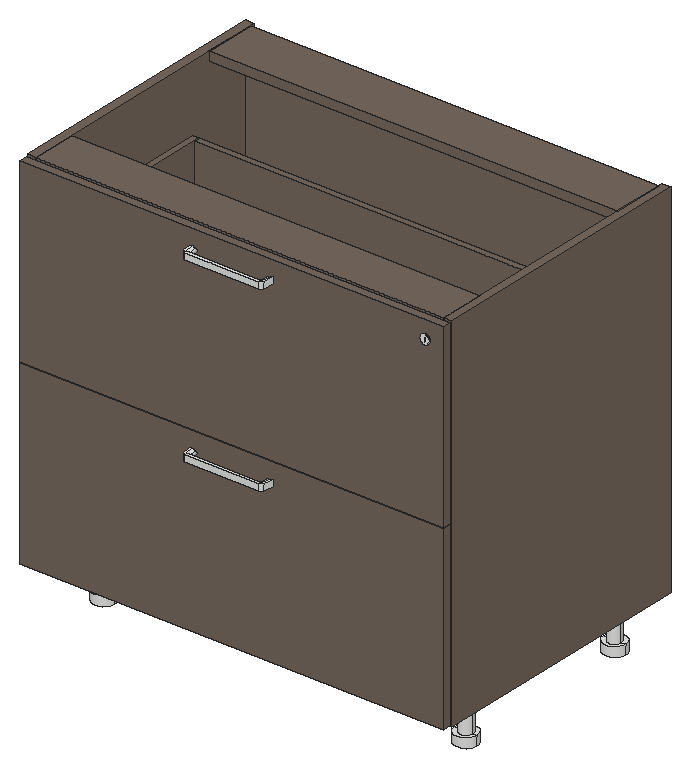
Revit family "Base_Cabinets-Teknion-CEBDLF_Base_Cabine_Filing_Drawers-R2023", category Furniture, Revit 2023
Family settings
  OmniClass Number = 23.40.20.00
  OmniClass Title = General Furniture and Specialties
  Work Plane-Based = No
  Enable Cutting in Views = No
  Always vertical = Yes
  Cut with Voids When Loaded = No
  Render Appearance Source = Family Geometry
  Shared = Yes
  Room Calculation Point = No
Parameters (values of type "24" Depth")
  Width [instance] = 36.000"
  Warranty = "http://www.teknion.com/ca/papers/legal-canada"
  Unit Weight URL = "http://www.teknion.com/ca/tools/assets#&asset=bee6a381-b954-425e-8283-5a2de3a804f2,f828d448-4b62-4231-9e5f-9a8991c0ed77"
  URL = "www.teknion.com"
  To render please download texture images found here [instance] = "https://assets.teknion.com/web/5e81352c1dfdb467/revit-material-swatches/"
  Sustainability Data = "https://www.teknion.com/ca/tools/assets#&topic=216f99a5-57a0-44fc-b10a-9dee9b29ae4c&asset=444deb64-fe58-4b68-981e-f75e97781df7,b4ff2d81-9f2e-437d-9659-7cffb09c31cf"
  Series = "Expansion Casework+"  # constant formula
  S - Standard - Soft Close = yes
  Pull Finish [instance] = Paint - Teknion - Foundation - Crisp Grey
  Product Page URL = "https://www.teknion.com/ca/products/product-details?productLineId=30ca1270-8e7a-673b-a6c8-ff05004460c4"
  Product Line = "Base Cabinets"  # constant formula
  Product Documentation Link = "https://www.teknion.com/pricing/expansion-casework/pdfs/CEBDLF_ppg.pdf"
  Part Number = "CEBDLF"  # constant formula
  Model = "CEBDLF24__S"
  Manufacturer Phone = "416-661-3370"  # constant formula
  Manufacturer Fax = "416.661.4586"  # constant formula
  Manufacturer Contact Information [instance] = "http://www.teknion.com/ca/contactus"
  Manufacturer Address = "1150 Flint Road, Toronto, ON. M3J 2J5. Canada"  # constant formula
  Manufacturer = "Teknion"  # constant formula
  How To Use Teknion Materials User Guide [instance] = "https://assets.teknion.com/m/205dd0a49fa58060/original/How-to-add-a-Material-Library-and-Texture-Images-to-your-Revit-project.pdf"
  Height [instance] = 35.000"
  Handle 2 [instance] = Height = 32.000"  # no
  Handle 1 [instance] = Height = 35.000"  # yes
  Front Finish [instance] = Source Laminate - Teknion - 3M - Provincial Oak
  For Additional Finishes please visit [instance] = "https://assets.teknion.com/m/44a8009b046e5d47/original/Teknion_Materials_Library.zip"
  Foot Finish [instance] = Paint - Teknion - Foundation - Crisp Grey
  Drawer Style = "Select one drawer style. Standard - soft close is default."  # constant formula
  Dim - Height - Front [instance] = if(Height = 32.000", 13.631", 15.256")  # 15.256"
  Description = "Base Cabinet - Filing Drawers, 24\" Depth, Standard - Soft Close Drawer Style"
  Depth = 24.000"
  Default Elevation = 0.000"
  Case Finish [instance] = Source Laminate - Teknion - 3M - Provincial Oak
  Available Width [instance] = "18, 21, 24, 27, 30, 33 &36 Inch"  # constant formula
  Available Height [instance] = "32 & 35 Inch"  # constant formula
  Available Depth = "24 & 29 Inch"  # constant formula
  Assembly Code = "E2020200"
  Actual Height [instance] = if(Height = 32.000", Height - 0.250", Height + 0.000")  # 35.000"
Types (3): name | Model | Description | Depth
  (no name) | "CEBDLF24__S" | "Base Cabinet - Filing Drawers, 24\" Depth, Standard - Soft Close Drawer Style" | 24.000"
  24" Depth | "CEBDLF24__S" | "Base Cabinet - Filing Drawers, 24\" Depth, Standard - Soft Close Drawer Style" | 24.000"
  29" Depth | "CEBDLF29__S" | "Base Cabinet - Filing Drawers, 29\" Depth, Standard - Soft Close Drawer Style" | 29.000"
Reference planes (in)
  plane 1 "Center Front/Back": y = -14.5
  plane 2: z = 0
  plane 3 "Center Left/Right": x = 21
  plane 4 "Left": x = 3
  plane 5 "Right": x = 39
  plane 6 "Back": y = -2.5
  plane 7 "Front": y = -26.5
  plane 8 "Top": z = 35
  plane 9: z = 4.13386
  plane 10 "Foot 2": y = -5.09843
  plane 11 "Foot 1": y = -20.85433
  plane 12: z = 19.50797
  plane 13: z = 4.25197
  plane 14: z = 19.62598
  plane 15: z = 34.88198
Forms (in)
  Sweep 1, solid, material "Source Laminate - Teknion - 3M - Provincial Oak" <- "Case Finish"
    path origin (0, 0, 0) x (1, 0, 0) y (0, 1, 0)
      loop
        line (3, -14.5) -> (3.70079, -14.5)
    profile origin (3.35039, -14.5, 0) x (0, 1, 0) y (0, 0, 1)
      loop
        line (12, 35) -> (-11.16142, 35) -> (-11.16142, 4.13386) -> (12, 4.13386) -> (12, 35)
  Sweep 2, solid, material "Source Laminate - Teknion - 3M - Provincial Oak" <- "Case Finish"
    path origin (0, 0, 0) x (1, 0, 0) y (0, 1, 0)
      loop
        line (39, -14.5) -> (38.29921, -14.5)
    profile origin (38.64961, -14.5, 0) x (0, -1, 0) y (0, 0, 1)
      loop
        line (-12, 35) -> (-12, 4.13386) -> (11.16142, 4.13386) -> (11.16142, 35) -> (-12, 35)
  Sweep 3, solid, material "Source Laminate - Teknion - 3M - Provincial Oak" <- "Case Finish"
    path origin (0, 0, 0) x (1, 0, 0) y (0, 1, 0)
      loop
        line (38.29921, -14.5) -> (3.70079, -14.5)
    profile origin (21, -14.5, 0) x (0, -1, 0) y (0, 0, 1)
      loop
        line (7.38189, 34.29921) -> (11.16142, 34.29921) -> (11.16142, 35) -> (7.38189, 35) -> (7.38189, 34.29921)
      loop
        line (-7.20472, 34.29921) -> (-7.20472, 35) -> (-11.68504, 35) -> (-11.68504, 34.29921) -> (-7.20472, 34.29921)
  Sweep 4, solid, material "Source Laminate - Teknion - 3M - Provincial Oak" <- "Case Finish"
    path origin (0, 0, 0) x (1, 0, 0) y (0, 1, 0)
      loop
        line (38.29921, -14.5) -> (3.70079, -14.5)
    profile origin (21, -14.5, 0) x (0, -1, 0) y (0, 0, 1)
      loop
        line (-10.98425, 34.29921) -> (-11.68504, 34.29921) -> (-11.68504, 5.14961) -> (-10.98425, 5.14961) -> (-10.98425, 34.29921)
  Sweep 5, solid, material "Source Laminate - Teknion - 3M - Provincial Oak" <- "Front Finish"
    path origin (0, 0, 0) x (1, 0, 0) y (0, 1, 0)
      loop
        line (21, -26.5) -> (21, -25.79921)
    profile origin (21, -26.14961, 0) x (-1, 0, 0) y (0, 0, 1)
      loop
        line (-17.94094, 19.50797) -> (-17.94094, 4.25197) -> (17.94094, 4.25197) -> (17.94094, 19.50797) -> (-17.94094, 19.50797)
      loop
        line (17.94094, 34.88198) -> (-17.94094, 34.88198) -> (-17.94094, 19.62598) -> (17.94094, 19.62598) -> (17.94094, 34.88198)
  Sweep 6, solid, material "Source Laminate - Teknion - 3M - Provincial Oak" <- "Case Finish"
    path origin (0, -14.5, 0) x (1, 0, 0) y (0, 0, 1)
      loop
        line (21, 5.14961) -> (21, 4.13386)
    profile origin (21, -14.5, 4.64173) x (0, -1, 0) y (1, 0, 0)
      loop
        line (-11.68504, 17.29921) -> (-11.68504, -17.29921) -> (11.16142, -17.29921) -> (11.16142, 17.29921) -> (-11.68504, 17.29921)
  Revolve 7, solid, material "Paint - Teknion - Foundation - Crisp Grey" <- "Foot Finish"
    sketch origin (0, -20.85433, 0) x (-1, 0, 0) y (0, 0, 1)
      loop
        line (-5.64567, 4.13386) -> (-5.64567, 0) -> (-4.70276, 0) -> (-4.70276, 0.7874) -> (-5.09449, 0.7874) -> (-5.09449, 3.11024) -> (-4.70846, 3.11024) -> (-4.70846, 4.13386) -> (-5.64567, 4.13386)
      axis (-5.64567, 4.13386) -> (-5.64567, 0)
    angle from 0 to 360
  Revolve 8, solid, material "Paint - Teknion - Foundation - Crisp Grey" <- "Foot Finish"
    sketch origin (36.70866, -20.85433, 0) x (-1, 0, 0) y (0, 0, 1)
      loop
        line (0.35433, 4.13386) -> (0.35433, 0) -> (1.29724, 0) -> (1.29724, 0.7874) -> (0.90551, 0.7874) -> (0.90551, 3.11024) -> (1.29154, 3.11024) -> (1.29154, 4.13386) -> (0.35433, 4.13386)
      axis (0.35433, 4.13386) -> (0.35433, 0)
    angle from 0 to 360
  Revolve 9, solid, material "Paint - Teknion - Foundation - Crisp Grey" <- "Foot Finish"
    sketch origin (4.75, -5.09843, 0) x (-1, 0, 0) y (0, 0, 1)
      loop
        line (-31.60433, 4.13386) -> (-31.60433, 0) -> (-30.66142, 0) -> (-30.66142, 0.7874) -> (-31.05315, 0.7874) -> (-31.05315, 3.11024) -> (-30.66713, 3.11024) -> (-30.66713, 4.13386) -> (-31.60433, 4.13386)
      axis (-31.60433, 4.13386) -> (-31.60433, 0)
    angle from 0 to 360
  Revolve 10, solid, material "Paint - Teknion - Foundation - Crisp Grey" <- "Foot Finish"
    sketch origin (37.25, -5.09843, 0) x (1, 0, 0) y (0, 0, -1)
      loop
        line (-31.60433, -4.13386) -> (-31.60433, 0) -> (-32.54724, 0) -> (-32.54724, -0.7874) -> (-32.15551, -0.7874) -> (-32.15551, -3.11024) -> (-32.54154, -3.11024) -> (-32.54154, -4.13386) -> (-31.60433, -4.13386)
      axis (-31.60433, -4.13386) -> (-31.60433, 0)
    angle from 0 to 360
  Sweep 11, solid, material "Paint - Teknion - Foundation - Crisp Grey" <- "Pull Finish", visible <- "Handle 1"
    path origin (0, -20.85433, 0) x (-1, 0, 0) y (0, 0, 1)
      loop
        line (-21, 17.66782) -> (-21, 18.19882)
    profile origin (21, -20.85433, 17.93332) x (1, 0, 0) y (0, 1, 0)
      loop
        line (-3.49508, -5.64567) -> (-3.39635, -6.44976)
        arc (-3.39635, -6.44976) -> (-3.31387, -6.60653) -> (-3.14821, -6.66929) r 0.25
        line (-3.14821, -6.66929) -> (3.14821, -6.66929)
        arc (3.14821, -6.66929) -> (3.31387, -6.60653) -> (3.39635, -6.44976) r 0.25
        line (3.39635, -6.44976) -> (3.49508, -5.64567) -> (3.35728, -5.64567) -> (3.23165, -6.43307) -> (-3.23165, -6.43307) -> (-3.35728, -5.64567) -> (-3.49508, -5.64567)
  Sweep 12, solid, material "Paint - Teknion - Foundation - Crisp Grey" <- "Pull Finish", visible <- "Handle 2"
    path origin (0, -20.85433, 0) x (-1, 0, 0) y (0, 0, 1)
      loop
        line (-21, 16.57382) -> (-21, 16.04282)
    profile origin (21, -20.85433, 16.30832) x (0, 1, 0) y (-1, 0, 0)
      loop
        line (-5.64567, 3.49508) -> (-6.44976, 3.39635)
        arc (-6.44976, 3.39635) -> (-6.60653, 3.31387) -> (-6.66929, 3.14821) r 0.25
        line (-6.66929, 3.14821) -> (-6.66929, -3.14821)
        arc (-6.66929, -3.14821) -> (-6.60653, -3.31387) -> (-6.44976, -3.39635) r 0.25
        line (-6.44976, -3.39635) -> (-5.64567, -3.49508) -> (-5.64567, -3.35728) -> (-6.43307, -3.23165) -> (-6.43307, 3.23165) -> (-5.64567, 3.35728) -> (-5.64567, 3.49508)
  Sweep 13, solid, material "Paint - Teknion - Foundation - Crisp Grey" <- "Pull Finish", visible <- "Handle 2"
    path origin (9, 0, 0) x (1, 0, 0) y (0, 1, 0)
      loop
        line (8.5714, -26.05302) -> (8.82531, -27.64439)
    profile origin (17.69836, -26.8487, 0) x (0.987508, 0.157566, 0) y (0, 0, 1)
      loop
        line (0.27167, 16.45916) -> (0.03671, 16.57382) -> (0, 16.57382) -> (0, 16.04282) -> (0.03773, 16.04282) -> (0.27167, 16.15698)
        arc (0.27167, 16.15698) -> (0.36606, 16.30807) -> (0.27167, 16.45916) r 0.16812
  Sweep 14, solid, material "Paint - Teknion - Foundation - Crisp Grey" <- "Pull Finish", visible <- "Handle 1"
    path origin (9, 0, 3.24587) x (1, 0, 0) y (0, 1, 0)
      loop
        line (8.5714, -26.05302) -> (8.82531, -27.64439)
    profile origin (17.69836, -26.8487, 3.24587) x (0.987508, 0.157566, 0) y (0, 0, 1)
      loop
        line (0.27167, 14.83829) -> (0.03671, 14.95295) -> (0, 14.95295) -> (0, 14.42195) -> (0.03773, 14.42195) -> (0.27167, 14.53612)
        arc (0.27167, 14.53612) -> (0.36606, 14.6872) -> (0.27167, 14.83829) r 0.16812
  Sweep 15, solid, material "Paint - Teknion - Foundation - Crisp Grey" <- "Pull Finish", visible <- "Handle 2"
    path origin (33, 0, 0) x (-1, 0, 0) y (0, -1, 0)
      loop
        line (8.5714, 26.05302) -> (8.82531, 27.64439)
    profile origin (24.30164, -26.8487, 0) x (0.987508, -0.157566, 0) y (0, 0, 1)
      loop
        arc (-0.27167, 16.45916) -> (-0.36606, 16.30807) -> (-0.27167, 16.15698) r 0.16812
        line (-0.27167, 16.15698) -> (-0.03773, 16.04282) -> (0, 16.04282) -> (0, 16.57382) -> (-0.03671, 16.57382) -> (-0.27167, 16.45916)
  Sweep 16, solid, material "Paint - Teknion - Foundation - Crisp Grey" <- "Pull Finish", visible <- "Handle 1"
    path origin (33, 0, 3.24587) x (-1, 0, 0) y (0, -1, 0)
      loop
        line (8.5714, 26.05302) -> (8.82531, 27.64439)
    profile origin (24.30164, -26.8487, 3.24587) x (0.987508, -0.157566, 0) y (0, 0, 1)
      loop
        arc (-0.27167, 14.83829) -> (-0.36606, 14.6872) -> (-0.27167, 14.53612) r 0.16812
        line (-0.27167, 14.53612) -> (-0.03773, 14.42195) -> (0, 14.42195) -> (0, 14.95295) -> (-0.03671, 14.95295) -> (-0.27167, 14.83829)
  Sweep 17, void
    path origin (0, -23.35433, 0) x (-1, 0, 0) y (0, 0, 1)
      loop
        line (-21, 34.88198) -> (-21, 12.5)
    profile origin (21, -23.35433, 23.69099) x (0, 1, 0) y (-1, 0, 0)
      loop
        line (-3.14567, 3.70705) -> (-3.14567, -3.70705) -> (-2.50738, -3.70705) -> (-2.50738, 3.70705) -> (-3.14567, 3.70705)
      loop
        line (-3.93307, 3.70705) -> (-4.44315, 3.70705) -> (-4.44315, -3.70705) -> (-3.93307, -3.70705) -> (-3.93307, 3.70705)
  Sweep 18, solid, material "Paint - Teknion - Mica - Platinum", visible <- "S - Standard - Soft Close"
    path origin (0, 0, 0) x (1, 0, 0) y (0, 1, 0)
      loop
        line (21, -25.66142) -> (21, -9.99213)
    profile origin (21, -17.82677, 0) x (-1, 0, 0) y (0, 0, 1)
      loop
        line (17.25984, 7.63386) -> (17.25984, 9.13386) -> (16.82283, 9.13386) -> (16.82283, 7.63386) -> (17.25984, 7.63386)
      loop
        line (-17.25984, 9.13386) -> (-17.25984, 7.63386) -> (-16.82283, 7.63386) -> (-16.82283, 9.13386) -> (-17.25984, 9.13386)
      loop
        line (17.25984, 20.80315) -> (17.25984, 22.30315) -> (16.82283, 22.30315) -> (16.82283, 20.80315) -> (17.25984, 20.80315)
      loop
        line (-17.25984, 22.30315) -> (-17.25984, 20.80315) -> (-16.82283, 20.80315) -> (-16.82283, 22.30315) -> (-17.25984, 22.30315)
  Sweep 19, solid, material "Metal - Teknion - C6 - Chrome"
    path origin (0, 0, 0) x (1, 0, 0) y (0, 1, 0)
      loop
        line (21, -26.55906) -> (21, -26.5)
    profile origin (21, -26.52953, 0) x (-1, 0, 0) y (0, 0, 1)
      loop
        circle (-16.4252, 33.42126) r 0.3937
      loop
        line (-16.37598, 33.60827) -> (-16.47441, 33.60827) -> (-16.47441, 33.23425) -> (-16.37598, 33.23425) -> (-16.37598, 33.60827)
  Sweep 20, solid, material "Source Laminate - Teknion - 3M - Provincial Oak" <- "Front Finish", visible <- "S - Standard - Soft Close"
    path origin (0, 0, 0) x (1, 0, 0) y (0, 1, 0)
      loop
        line (21, -9.657) -> (21, -25.79921)
    profile origin (21, -17.72811, 0) x (1, 0, 0) y (0, 0, 1)
      loop
        line (-16.25984, 29.81102) -> (-16.78346, 29.81102) -> (-16.78346, 19.80315) -> (-16.25984, 19.80315) -> (-16.25984, 29.81102)
      loop
        line (16.78346, 19.80315) -> (16.78346, 29.81102) -> (16.25984, 29.81102) -> (16.25984, 19.80315) -> (16.78346, 19.80315)
      loop
        line (-16.78346, 16.64173) -> (-16.78346, 6.63386) -> (-16.25984, 6.63386) -> (-16.25984, 16.64173) -> (-16.78346, 16.64173)
      loop
        line (16.25984, 16.64173) -> (16.25984, 6.63386) -> (16.78346, 6.63386) -> (16.78346, 16.64173) -> (16.25984, 16.64173)
  Sweep 21, solid, material "Source Laminate - Teknion - 3M - Provincial Oak" <- "Front Finish", visible <- "S - Standard - Soft Close"
    path origin (0, 0, 0) x (1, 0, 0) y (0, 1, 0)
      loop
        line (37.25984, -14.5) -> (4.74016, -14.5)
    profile origin (21, -14.5, 0) x (0, -1, 0) y (0, 0, 1)
      loop
        line (-4.3189, 29.81102) -> (-4.843, 29.81102) -> (-4.843, 19.80315) -> (-4.3189, 19.80315) -> (-4.3189, 29.81102)
      loop
        line (10.77559, 29.81102) -> (10.77559, 19.80315) -> (11.29921, 19.80315) -> (11.29921, 29.81102) -> (10.77559, 29.81102)
      loop
        line (11.29921, 16.64173) -> (10.77559, 16.64173) -> (10.77559, 6.63386) -> (11.29921, 6.63386) -> (11.29921, 16.64173)
      loop
        line (-4.3189, 16.64173) -> (-4.843, 16.64173) -> (-4.843, 6.63386) -> (-4.3189, 6.63386) -> (-4.3189, 16.64173)
  Sweep 22, solid, material "Source Laminate - Teknion - 3M - Provincial Oak" <- "Front Finish", visible <- "S - Standard - Soft Close"
    path origin (0, 0, 0) x (1, 0, 0) y (0, 1, 0)
      loop
        line (4.74016, -14.5) -> (37.25984, -14.5)
    profile origin (21, -14.5, 0) x (0, 1, 0) y (0, 0, 1)
      loop
        line (-10.77559, 20.59449) -> (-10.77559, 19.80315) -> (4.3189, 19.80315) -> (4.3189, 20.59449) -> (-10.77559, 20.59449)
      loop
        line (-10.77559, 7.4252) -> (-10.77559, 6.63386) -> (4.3189, 6.63386) -> (4.3189, 7.4252) -> (-10.77559, 7.4252)
  Sweep 23, solid, material "Paint - Teknion - Foundation - Crisp Grey" <- "Pull Finish", visible <- "Handle 2"
    path origin (33, 0, 15.36988) x (-1, 0, 0) y (0, -1, 0)
      loop
        line (8.5714, 26.05302) -> (8.82531, 27.64439)
    profile origin (24.30164, -26.8487, 15.36988) x (0.987508, -0.157566, 0) y (0, 0, 1)
      loop
        arc (-0.27167, 14.83829) -> (-0.36606, 14.6872) -> (-0.27167, 14.53612) r 0.16812
        line (-0.27167, 14.53612) -> (-0.03773, 14.42195) -> (0, 14.42195) -> (0, 14.95295) -> (-0.03671, 14.95295) -> (-0.27167, 14.83829)
  Sweep 24, solid, material "Paint - Teknion - Foundation - Crisp Grey" <- "Pull Finish", visible <- "Handle 1"
    path origin (33, 0, 18.61988) x (-1, 0, 0) y (0, -1, 0)
      loop
        line (8.5714, 26.05302) -> (8.82531, 27.64439)
    profile origin (24.30164, -26.8487, 18.61988) x (0.987508, -0.157566, 0) y (0, 0, 1)
      loop
        arc (-0.27167, 14.83829) -> (-0.36606, 14.6872) -> (-0.27167, 14.53612) r 0.16812
        line (-0.27167, 14.53612) -> (-0.03773, 14.42195) -> (0, 14.42195) -> (0, 14.95295) -> (-0.03671, 14.95295) -> (-0.27167, 14.83829)
  Sweep 25, solid, material "Paint - Teknion - Foundation - Crisp Grey" <- "Pull Finish", visible <- "Handle 2"
    path origin (9, 0, 15.36988) x (1, 0, 0) y (0, 1, 0)
      loop
        line (8.5714, -26.05302) -> (8.82531, -27.64439)
    profile origin (17.69836, -26.8487, 15.36988) x (0.987508, 0.157566, 0) y (0, 0, 1)
      loop
        line (0.27167, 14.83829) -> (0.03671, 14.95295) -> (0, 14.95295) -> (0, 14.42195) -> (0.03773, 14.42195) -> (0.27167, 14.53612)
        arc (0.27167, 14.53612) -> (0.36606, 14.6872) -> (0.27167, 14.83829) r 0.16812
  Sweep 26, solid, material "Paint - Teknion - Foundation - Crisp Grey" <- "Pull Finish", visible <- "Handle 1"
    path origin (9, 0, 18.61988) x (1, 0, 0) y (0, 1, 0)
      loop
        line (8.5714, -26.05302) -> (8.82531, -27.64439)
    profile origin (17.69836, -26.8487, 18.61988) x (0.987508, 0.157566, 0) y (0, 0, 1)
      loop
        line (0.27167, 14.83829) -> (0.03671, 14.95295) -> (0, 14.95295) -> (0, 14.42195) -> (0.03773, 14.42195) -> (0.27167, 14.53612)
        arc (0.27167, 14.53612) -> (0.36606, 14.6872) -> (0.27167, 14.83829) r 0.16812
  Sweep 27, solid, material "Paint - Teknion - Foundation - Crisp Grey" <- "Pull Finish", visible <- "Handle 2"
    path origin (0, -20.85433, 12.12402) x (-1, 0, 0) y (0, 0, 1)
      loop
        line (-21, 17.66782) -> (-21, 18.19882)
    profile origin (21, -20.85433, 30.05733) x (1, 0, 0) y (0, 1, 0)
      loop
        line (-3.49508, -5.64567) -> (-3.39635, -6.44976)
        arc (-3.39635, -6.44976) -> (-3.31387, -6.60653) -> (-3.14821, -6.66929) r 0.25
        line (-3.14821, -6.66929) -> (3.14821, -6.66929)
        arc (3.14821, -6.66929) -> (3.31387, -6.60653) -> (3.39635, -6.44976) r 0.25
        line (3.39635, -6.44976) -> (3.49508, -5.64567) -> (3.35728, -5.64567) -> (3.23165, -6.43307) -> (-3.23165, -6.43307) -> (-3.35728, -5.64567) -> (-3.49508, -5.64567)
  Sweep 28, solid, material "Paint - Teknion - Foundation - Crisp Grey" <- "Pull Finish", visible <- "Handle 1"
    path origin (0, -20.85433, 15.37402) x (-1, 0, 0) y (0, 0, 1)
      loop
        line (-21, 17.66782) -> (-21, 18.19882)
    profile origin (21, -20.85433, 33.30733) x (1, 0, 0) y (0, 1, 0)
      loop
        line (-3.49508, -5.64567) -> (-3.39635, -6.44976)
        arc (-3.39635, -6.44976) -> (-3.31387, -6.60653) -> (-3.14821, -6.66929) r 0.25
        line (-3.14821, -6.66929) -> (3.14821, -6.66929)
        arc (3.14821, -6.66929) -> (3.31387, -6.60653) -> (3.39635, -6.44976) r 0.25
        line (3.39635, -6.44976) -> (3.49508, -5.64567) -> (3.35728, -5.64567) -> (3.23165, -6.43307) -> (-3.23165, -6.43307) -> (-3.35728, -5.64567) -> (-3.49508, -5.64567)
Cuts and joins
  Sweep 17 cuts Sweep 24
  Sweep 17 cuts Sweep 26
  joined: Sweep 24, Sweep 26, Sweep 28
  Sweep 17 cuts Sweep 14
  Sweep 17 cuts Sweep 16
  joined: Sweep 11, Sweep 14, Sweep 16
  Sweep 17 cuts Sweep 13
  Sweep 17 cuts Sweep 15
  joined: Sweep 12, Sweep 13, Sweep 15
  Sweep 17 cuts Sweep 23
  Sweep 17 cuts Sweep 25
  joined: Sweep 23, Sweep 25, Sweep 27
Lines and regions (in)
  Masking region 1
    outline origin (0, 0, 0) x (1, 0, 0) y (0, 1, 0)
      loop
        line (3, -25.66142) -> (39, -25.66142) -> (39, -2.5) -> (38.29921, -2.5) -> (38.29921, -2.81496) -> (3.70079, -2.81496) -> (3.70079, -2.5) -> (3, -2.5) -> (3, -25.66142)
  Masking region 2
    outline origin (0, 0, 0) x (1, 0, 0) y (0, 1, 0)
      loop
        line (3.05906, -25.79921) -> (3.05906, -26.5) -> (38.94094, -26.5) -> (38.94094, -25.79921) -> (3.05906, -25.79921)
  Masking region 3
    outline origin (0, 0, 0) x (1, 0, 0) y (0, 1, 0)
      loop
        line (37.0315, -26.5) -> (37.0315, -26.55906) -> (37.8189, -26.55906) -> (37.8189, -26.5) -> (37.0315, -26.5)
  Masking region 4
    outline origin (0, 0, 0) x (1, 0, 0) y (0, 1, 0)
      loop
        line (4.21654, -25.66142) -> (4.21654, -25.79921) -> (37.78346, -25.79921) -> (37.78346, -25.66142) -> (4.21654, -25.66142)
  Masking region 5
    outline origin (0, 0, 0) x (1, 0, 0) y (0, 1, 0)
      loop
        line (17.85179, -27.52362) -> (24.14821, -27.52362)
        arc (24.14821, -27.52362) -> (24.31387, -27.46086) -> (24.39635, -27.30409) r 0.25
        line (24.39635, -27.30409) -> (24.49508, -26.5) -> (23.98667, -26.5) -> (23.86103, -27.2874) -> (18.13897, -27.2874) -> (18.01333, -26.5) -> (17.50492, -26.5) -> (17.60365, -27.30409)
        arc (17.60365, -27.30409) -> (17.68613, -27.46086) -> (17.85179, -27.52362) r 0.25
  reference lines
    curve 1: line (3, -2.5, 0) -> (39, -2.5, 0)
    curve 2: line (3, -26.5, 0) -> (39, -26.5, 0)
    curve 3: line (3, -2.5, 0) -> (3, -26.5, 0)
    curve 4: line (39, -2.5, 0) -> (39, -26.5, 0)
  symbolic lines, style "FurnitureHiddenLines", detail levels medium+fine
    curve 5: line (-21.18233, -20.85433, 33.57283) -> (42.81767, -20.85433, 33.57283)
    curve 6: line (-54.31964, -20.85433, 30.32283) -> (44.68036, -20.85433, 30.32283)
    curve 14: line (3.70079, -3.51575, 0) -> (38.29921, -3.51575, 0)
    curve 15: line (37.25984, -25.27559, 0) -> (4.74016, -25.27559, 0)
    curve 16: line (3.74016, -21.88189, 0) -> (3.74016, -25.66142, 0)
    curve 17: line (4.17717, -25.66142, 0) -> (4.17717, -21.88189, 0)
    curve 18: line (4.21654, -21.88189, 0) -> (4.21654, -25.79921, 0)
    curve 19: line (4.74016, -25.79921, 0) -> (4.74016, -21.88189, 0)
    curve 20: line (38.25984, -25.66142, 0) -> (38.25984, -21.88189, 0)
    curve 21: line (37.82283, -21.88189, 0) -> (37.82283, -25.66142, 0)
    curve 22: line (37.78346, -25.79921, 0) -> (37.78346, -21.88189, 0)
    curve 23: line (37.25984, -21.88189, 0) -> (37.25984, -25.79921, 0)
  symbolic lines
    curve 7: line (24.19447, -27.2874, 0) -> (17.80553, -27.2874, 0)
    curve 8: line (17.67989, -26.5, 0) -> (17.80553, -27.2874, 0)
    curve 9: line (24.32011, -26.5, 0) -> (24.19447, -27.2874, 0)
    curve 10: line (3.70079, -2.81496, 0) -> (3.70079, -25.66142, 0)
    curve 11: line (38.29921, -2.81496, 0) -> (38.29921, -25.66142, 0)
    curve 12: line (3.70079, -7.29528, 0) -> (38.29921, -7.29528, 0)
    curve 13: line (38.29921, -21.88189, 0) -> (3.70079, -21.88189, 0)
    curve 24: line (4.21654, -21.88189, 0) -> (4.21654, -9.657, 0)
    curve 25: line (4.21654, -9.657, 0) -> (37.78346, -9.657, 0)
    curve 26: line (37.78346, -9.657, 0) -> (37.78346, -21.88189, 0)
    curve 27: line (4.74016, -9.657, 0) -> (4.74016, -21.88189, 0)
    curve 28: line (37.25984, -9.657, 0) -> (37.25984, -21.88189, 0)
    curve 29: line (4.74016, -10.1811, 0) -> (37.25984, -10.1811, 0)
    curve 30: line (3.74016, -21.88189, 0) -> (3.74016, -9.99213, 0)
    curve 31: line (3.74016, -9.99213, 0) -> (4.17717, -9.99213, 0)
    curve 32: line (4.17717, -9.99213, 0) -> (4.17717, -21.88189, 0)
    curve 33: line (37.82283, -21.88189, 0) -> (37.82283, -9.99213, 0)
    curve 34: line (37.82283, -9.99213, 0) -> (38.25984, -9.99213, 0)
    curve 35: line (38.25984, -9.99213, 0) -> (38.25984, -21.88189, 0)
  symbolic lines, style "FurnitureHiddenLines", detail levels fine
    curve 36: line (37.37598, -26.55906, 0) -> (37.37598, -26.5, 0)
    curve 37: line (37.47441, -26.5, 0) -> (37.47441, -26.55906, 0)
    curve 38: arc (36.90551, -20.85433, 0) -> (36.35433, -20.30315, 0) -> (35.80315, -20.85433, 0) r 0.55118
    curve 39: arc (37.29154, -20.85433, 0) -> (36.35433, -19.91713, 0) -> (35.41713, -20.85433, 0) r 0.9372
    curve 40: arc (35.80315, -20.85433, 0) -> (36.35433, -21.40551, 0) -> (36.90551, -20.85433, 0) r 0.55118
    curve 41: arc (35.41713, -20.85433, 0) -> (36.35433, -21.79154, 0) -> (37.29154, -20.85433, 0) r 0.9372
    curve 42: arc (6.58287, -20.85433, 0) -> (5.64567, -19.91713, 0) -> (4.70846, -20.85433, 0) r 0.9372
    curve 43: arc (6.19685, -20.85433, 0) -> (5.64567, -20.30315, 0) -> (5.09449, -20.85433, 0) r 0.55118
    curve 44: arc (5.09449, -20.85433, 0) -> (5.64567, -21.40551, 0) -> (6.19685, -20.85433, 0) r 0.55118
    curve 45: arc (4.70846, -20.85433, 0) -> (5.64567, -21.79154, 0) -> (6.58287, -20.85433, 0) r 0.9372
    curve 46: arc (6.58287, -5.09843, 0) -> (5.64567, -4.16122, 0) -> (4.70846, -5.09843, 0) r 0.9372
    curve 47: arc (6.19685, -5.09843, 0) -> (5.64567, -4.54724, 0) -> (5.09449, -5.09843, 0) r 0.55118
    curve 48: arc (5.09449, -5.09843, 0) -> (5.64567, -5.64961, 0) -> (6.19685, -5.09843, 0) r 0.55118
    curve 49: arc (4.70846, -5.09843, 0) -> (5.64567, -6.03563, 0) -> (6.58287, -5.09843, 0) r 0.9372
    curve 50: arc (37.29154, -5.09843, 0) -> (36.35433, -4.16122, 0) -> (35.41713, -5.09843, 0) r 0.9372
    curve 51: arc (36.90551, -5.09843, 0) -> (36.35433, -4.54724, 0) -> (35.80315, -5.09843, 0) r 0.55118
    curve 52: arc (35.80315, -5.09843, 0) -> (36.35433, -5.64961, 0) -> (36.90551, -5.09843, 0) r 0.55118
    curve 53: arc (35.41713, -5.09843, 0) -> (36.35433, -6.03563, 0) -> (37.29154, -5.09843, 0) r 0.9372
Dimensions and locks (in)
  "Width": plane 4 "Left" to plane 5 "Right"
  "Depth": plane 6 "Back" to plane 7 "Front"
  "Actual Height": plane 8 "Top" to level
  equal spacing: plane 6 "Back", plane 1 "Center Front/Back", plane 7 "Front"
  equal spacing: plane 4 "Left", plane 3 "Center Left/Right", plane 5 "Right"
  locked: plane 9 to plane 2 at 4.13386
  locked: plane 4 "Left" to Sweep 1 sketch curve at 0.70079
  locked: plane 7 "Front" to Sweep 1 sketch curve at 0.83858
  locked: Sweep 2 sketch curve to plane 5 "Right" at 0.70079
  locked: plane 7 "Front" to Sweep 2 sketch curve at 0.83858
  locked: plane 4 "Left" to Sweep 3 sketch curve at 0.70079
  locked: Sweep 3 sketch curve to plane 5 "Right" at 0.70079
  Sweep 3 sketch curve to Sweep 3 sketch curve to plane 6 "Back" = 4.48031" locked, 0.31496" locked
  plane 7 "Front" to Sweep 3 sketch curve to Sweep 3 sketch curve = 0.83858" locked, 3.77953" locked
  locked: plane 8 "Top" to Sweep 3 sketch curve at 0.70079  (x2)
  locked: Sweep 4 sketch curve to plane 5 "Right" at 0.70079
  locked: plane 4 "Left" to Sweep 4 sketch curve at 0.70079
  Sweep 4 sketch curve to Sweep 4 sketch curve to plane 6 "Back" = 0.70079" locked, 0.31496" locked
  locked: plane 8 "Top" to Sweep 4 sketch curve at 0.70079
  locked: plane 7 "Front" to Sweep 5 sketch curve at 0.70079
  locked: Sweep 4 sketch curve to plane 9 at 1.01575
  locked: Sweep 6 sketch curve to plane 9 at 1.01575
  locked: plane 4 "Left" to Sweep 6 sketch curve at 0.70079
  locked: Sweep 6 sketch curve to plane 5 "Right" at 0.70079
  locked: plane 6 "Back" to Sweep 6 sketch curve at 0.31496
  locked: plane 7 "Front" to Sweep 6 sketch curve at 0.83858
  locked: plane 11 "Foot 1" to plane 7 "Front" at 5.64567
  locked: plane 6 "Back" to plane 10 "Foot 2" at 2.59843
  Revolve 10 sketch curve to Revolve 10 sketch curve to Revolve 10 sketch curve to Revolve 10 sketch curve to plane 4 "Left" = 0.55118" locked, 0.38602" locked, 0.00571" locked, 1.70276" locked
  locked: plane 9 to Revolve 10 sketch curve at 1.02362
  locked: Revolve 10 sketch curve to plane 2 at 0.7874
  locked: plane 4 "Left" to Revolve 10 sketch curve at 2.64567
  locked: Revolve 7 sketch curve to plane 2 at 0.7874
  locked: plane 9 to Revolve 7 sketch curve at 1.02362
  Revolve 7 sketch curve to Revolve 7 sketch curve to Revolve 7 sketch curve to Revolve 7 sketch curve to plane 4 "Left" = 0.55118" locked, 0.38602" locked, 0.00571" locked, 1.70276" locked
  locked: plane 4 "Left" to Revolve 7 sketch curve at 2.64567
  plane 5 "Right" to Revolve 8 sketch curve to Revolve 8 sketch curve to Revolve 8 sketch curve to Revolve 8 sketch curve = 2.64567" locked, 0.55118" locked, 0.38602" locked, 0.00571" locked
  locked: plane 9 to Revolve 8 sketch curve at 1.02362
  locked: Revolve 8 sketch curve to plane 2 at 0.7874
  locked: Revolve 8 sketch curve to plane 5 "Right" at 2.64567
  Revolve 9 sketch curve to Revolve 9 sketch curve to Revolve 9 sketch curve to Revolve 9 sketch curve to plane 5 "Right" = 0.00571" locked, 0.38602" locked, 0.55118" locked, 2.64567" locked
  locked: Revolve 9 sketch curve to plane 2 at 0.7874
  locked: plane 9 to Revolve 9 sketch curve at 1.02362
  locked: Revolve 9 sketch curve to plane 5 "Right" at 2.64567
  Sweep 11 sketch curve to Sweep 11 sketch curve to plane 2 = 0.531" locked, 17.66782" locked
  Sweep 11 sketch curve to Sweep 11 sketch curve to Sweep 11 sketch curve to Sweep 11 sketch curve to Sweep 11 sketch curve to plane 3 "Center Left/Right" to Sweep 11 sketch curve to Sweep 11 sketch curve to Sweep 11 sketch curve to Sweep 11 sketch curve to Sweep 11 sketch curve = 0.09873" locked, 0.03907" locked, 0.12564" locked, 0.08343" locked, 3.14821" locked, 3.14821" locked, 0.08343" locked, 0.12564" locked, 0.03907" locked, 0.09873" locked
  plane 7 "Front" to Sweep 11 sketch curve to Sweep 11 sketch curve = 0.7874" locked, 0.23622" locked
  Sweep 12 sketch curve to Sweep 12 sketch curve to plane 2 = 0.531" locked, 16.04282" locked
  Sweep 12 sketch curve to Sweep 12 sketch curve to Sweep 12 sketch curve to Sweep 12 sketch curve to Sweep 12 sketch curve to plane 3 "Center Left/Right" to Sweep 12 sketch curve to Sweep 12 sketch curve to Sweep 12 sketch curve to Sweep 12 sketch curve to Sweep 12 sketch curve = 0.09873" locked, 0.03907" locked, 0.12564" locked, 0.08343" locked, 3.14821" locked, 3.14821" locked, 0.08343" locked, 0.12564" locked, 0.03907" locked, 0.09873" locked
  plane 7 "Front" to Sweep 12 sketch curve to Sweep 12 sketch curve = 0.7874" locked, 0.23622" locked
  Sweep 13 sketch curve to Sweep 13 sketch curve to Sweep 13 sketch curve to Sweep 13 sketch curve to Sweep 13 sketch curve to plane 3 "Center Left/Right" = 0.03625" locked, 0.001" locked, 0.23103" locked, 0.000" locked, 3.03336" locked
  Sweep 13 sketch curve to Sweep 13 sketch curve to Sweep 13 sketch curve to Sweep 13 sketch curve to Sweep 13 sketch curve to plane 2 = 0.11466" locked, 0.15109" locked, 0.15109" locked, 0.11416" locked, 16.04282" locked
  plane 3 "Center Left/Right" to Sweep 13 sketch curve to Sweep 13 sketch curve = 3.17469" locked, 0.25392" locked
  Sweep 13 sketch curve to plane 7 "Front" to Sweep 13 sketch curve = 1.14439" locked, 0.44698" locked
  Sweep 15 sketch curve to Sweep 15 sketch curve to Sweep 15 sketch curve to Sweep 15 sketch curve to Sweep 15 sketch curve to plane 3 "Center Left/Right" = 0.03625" locked, 0.001" locked, 0.23103" locked, 0.000" locked, 3.03336" locked
  Sweep 15 sketch curve to Sweep 15 sketch curve to Sweep 15 sketch curve to Sweep 15 sketch curve to Sweep 15 sketch curve to plane 2 = 0.11466" locked, 0.15109" locked, 0.15109" locked, 0.11416" locked, 16.04282" locked
  Sweep 15 sketch curve to Sweep 15 sketch curve to plane 3 "Center Left/Right" = 0.25392" locked, 3.17469" locked
  Sweep 15 sketch curve to plane 7 "Front" to Sweep 15 sketch curve = 1.14439" locked, 0.44698" locked
  Sweep 16 sketch curve to Sweep 16 sketch curve to Sweep 16 sketch curve to Sweep 16 sketch curve to Sweep 16 sketch curve to plane 2 = 0.11466" locked, 0.15109" locked, 0.15109" locked, 0.11416" locked, 17.66782" locked
  Sweep 16 sketch curve to Sweep 16 sketch curve to plane 3 "Center Left/Right" = 0.25392" locked, 3.17469" locked
  Sweep 16 sketch curve to plane 7 "Front" to Sweep 16 sketch curve = 1.14439" locked, 0.44698" locked
  plane 3 "Center Left/Right" to Sweep 14 sketch curve to Sweep 14 sketch curve = 3.17469" locked, 0.25392" locked
  Sweep 14 sketch curve to plane 7 "Front" to Sweep 14 sketch curve = 1.14439" locked, 0.44698" locked
  Sweep 14 sketch curve to Sweep 14 sketch curve to Sweep 14 sketch curve to Sweep 14 sketch curve to Sweep 14 sketch curve to plane 2 = 0.11466" locked, 0.15109" locked, 0.15109" locked, 0.11416" locked, 17.66782" locked
  plane 2 to Sweep 17 sketch curve to Sweep 17 sketch curve = 12.500" locked, 22.38198" locked
  equal spacing: Sweep 17 sketch curve, plane 3 "Center Left/Right", Sweep 17 sketch curve
  Sweep 17 sketch curve to Sweep 17 sketch curve to plane 7 "Front" to Sweep 17 sketch curve = 0.51007" locked, 0.7874" locked, 0.63829" locked
  Sweep 18 sketch curve to Sweep 18 sketch curve to plane 7 "Front" = 15.66929" locked, 0.83858" locked
  locked: Sweep 18 sketch curve to Sweep 18 sketch curve at 1.5  (x2)
  locked: Sweep 19 sketch curve to plane 7 "Front" at 0.05906
  Sweep 19 sketch curve to Sweep 19 sketch curve to Sweep 19 sketch curve = 0.18701" locked, 0.18701" locked
  Sweep 19 sketch curve to Sweep 19 sketch curve to Sweep 19 sketch curve to plane 5 "Right" = 0.04921" locked, 0.04921" locked, 1.52559" locked
  locked: plane 13 to plane 9 at 0.11811
  "Dim - Height - Front": plane 12 to plane 13
  locked: Sweep 18 sketch curve to plane 13 at 3.38189
  plane 7 "Front" to Sweep 20 sketch curve to Sweep 20 sketch curve = 0.70079" locked, 16.14221" locked
  locked: Sweep 20 sketch curve to Sweep 20 sketch curve at 10.00787  (x2)
  Sweep 20 sketch curve to Sweep 20 sketch curve to plane 4 "Left" = 0.52362" locked, 1.21654" locked
  Sweep 20 sketch curve to Sweep 20 sketch curve to plane 5 "Right" = 0.52362" locked, 1.21654" locked
  locked: Sweep 21 sketch curve to plane 5 "Right" at 1.74016
  locked: plane 4 "Left" to Sweep 21 sketch curve at 1.74016
  plane 7 "Front" to Sweep 21 sketch curve to Sweep 21 sketch curve to Sweep 21 sketch curve to Sweep 21 sketch curve = 0.70079" locked, 0.52362" locked, 15.09449" locked, 0.5241" locked
  locked: Sweep 21 sketch curve to Sweep 21 sketch curve at 10.00787  (x2)
  locked: plane 4 "Left" to Sweep 22 sketch curve at 1.74016
  locked: Sweep 22 sketch curve to plane 5 "Right" at 1.74016
  plane 7 "Front" to Sweep 22 sketch curve to Sweep 22 sketch curve = 1.22441" locked, 15.09449" locked
  locked: Sweep 22 sketch curve to Sweep 22 sketch curve at 0.79134  (x2)
  locked: plane 14 to plane 12 at 0.11802
  "Dim - Height - Front": plane 15 to plane 14
  locked: Sweep 5 sketch curve to plane 4 "Left" at 0.05906
  locked: Sweep 5 sketch curve to plane 5 "Right" at 0.05906
  locked: plane 15 to Sweep 19 sketch curve at 1.46072
  locked: Sweep 18 sketch curve to plane 14 at 1.17717
  Sweep 18 sketch curve to Sweep 18 sketch curve to plane 4 "Left" = 0.43701" locked, 0.74016" locked
  Sweep 18 sketch curve to Sweep 18 sketch curve to plane 5 "Right" = 0.43701" locked, 0.74016" locked
  locked: Sweep 20 sketch curve to plane 14 at 0.17717
  locked: Sweep 20 sketch curve to plane 13 at 2.38189
  locked: Sweep 22 sketch curve to plane 13 at 2.38189
  locked: Sweep 22 sketch curve to plane 14 at 0.17717
  locked: Sweep 21 sketch curve to plane 13 at 2.38189
  locked: Sweep 21 sketch curve to plane 14 at 0.17717
  Sweep 23 sketch curve to Sweep 23 sketch curve to Sweep 23 sketch curve to Sweep 23 sketch curve to Sweep 23 sketch curve to plane 2 = 0.11466" locked, 0.15109" locked, 0.15109" locked, 0.11416" locked, 29.79183" locked
  Sweep 23 sketch curve to Sweep 23 sketch curve to plane 3 "Center Left/Right" = 0.25392" locked, 3.17469" locked
  Sweep 23 sketch curve to plane 7 "Front" to Sweep 23 sketch curve = 1.14439" locked, 0.44698" locked
  Sweep 24 sketch curve to Sweep 24 sketch curve to Sweep 24 sketch curve to Sweep 24 sketch curve to Sweep 24 sketch curve to plane 2 = 0.11466" locked, 0.15109" locked, 0.15109" locked, 0.11416" locked, 33.04183" locked
  Sweep 24 sketch curve to Sweep 24 sketch curve to plane 3 "Center Left/Right" = 0.25392" locked, 3.17469" locked
  Sweep 24 sketch curve to plane 7 "Front" to Sweep 24 sketch curve = 1.14439" locked, 0.44698" locked
  plane 3 "Center Left/Right" to Sweep 25 sketch curve to Sweep 25 sketch curve = 3.17469" locked, 0.25392" locked
  Sweep 25 sketch curve to plane 7 "Front" to Sweep 25 sketch curve = 1.14439" locked, 0.44698" locked
  Sweep 25 sketch curve to Sweep 25 sketch curve to Sweep 25 sketch curve to Sweep 25 sketch curve to Sweep 25 sketch curve to plane 2 = 0.11466" locked, 0.15109" locked, 0.15109" locked, 0.11416" locked, 29.79183" locked
  plane 3 "Center Left/Right" to Sweep 26 sketch curve to Sweep 26 sketch curve = 3.17469" locked, 0.25392" locked
  Sweep 26 sketch curve to plane 7 "Front" to Sweep 26 sketch curve = 1.14439" locked, 0.44698" locked
  Sweep 26 sketch curve to Sweep 26 sketch curve to Sweep 26 sketch curve to Sweep 26 sketch curve to Sweep 26 sketch curve to plane 2 = 0.11466" locked, 0.15109" locked, 0.15109" locked, 0.11416" locked, 33.04183" locked
  Sweep 27 sketch curve to Sweep 27 sketch curve to plane 2 = 0.531" locked, 29.79183" locked
  Sweep 27 sketch curve to Sweep 27 sketch curve to Sweep 27 sketch curve to Sweep 27 sketch curve to Sweep 27 sketch curve to Sweep 27 sketch curve to Sweep 27 sketch curve to Sweep 27 sketch curve to Sweep 27 sketch curve to Sweep 27 sketch curve = 0.09873" locked, 0.03907" locked, 0.12564" locked, 0.08343" locked, 6.29642" locked, 0.08343" locked, 0.12564" locked, 0.03907" locked, 0.09873" locked
  locked: Sweep 27 sketch curve to Sweep 27 sketch curve at 0.23622
  Sweep 28 sketch curve to Sweep 28 sketch curve to plane 2 = 0.531" locked, 33.04183" locked
  Sweep 28 sketch curve to Sweep 28 sketch curve to Sweep 28 sketch curve to Sweep 28 sketch curve to Sweep 28 sketch curve to plane 3 "Center Left/Right" to Sweep 28 sketch curve to Sweep 28 sketch curve to Sweep 28 sketch curve to Sweep 28 sketch curve to Sweep 28 sketch curve = 0.09873" locked, 0.03907" locked, 0.12564" locked, 0.08343" locked, 3.14821" locked, 3.14821" locked, 0.08343" locked, 0.12564" locked, 0.03907" locked, 0.09873" locked
  plane 7 "Front" to Sweep 28 sketch curve to Sweep 28 sketch curve = 0.7874" locked, 0.23622" locked
  Sweep 14 sketch curve to Sweep 14 sketch curve to Sweep 14 sketch curve to Sweep 14 sketch curve to Sweep 14 sketch curve to plane 3 "Center Left/Right" = 0.03625" locked, 0.001" locked, 0.23103" locked, 0.000" locked, 3.03336" locked
  plane 3 "Center Left/Right" to Sweep 16 sketch curve to Sweep 16 sketch curve to Sweep 16 sketch curve to Sweep 16 sketch curve to Sweep 16 sketch curve = 3.03336" locked, 0.000" locked, 0.23103" locked, 0.001" locked, 0.03625" locked
  Sweep 25 sketch curve to Sweep 25 sketch curve to Sweep 25 sketch curve to Sweep 25 sketch curve to Sweep 25 sketch curve to plane 3 "Center Left/Right" = 0.03625" locked, 0.001" locked, 0.23103" locked, 0.000" locked, 3.03336" locked
  Sweep 26 sketch curve to Sweep 26 sketch curve to Sweep 26 sketch curve to Sweep 26 sketch curve to Sweep 26 sketch curve to plane 3 "Center Left/Right" = 0.03625" locked, 0.001" locked, 0.23103" locked, 0.000" locked, 3.03336" locked
  Sweep 23 sketch curve to Sweep 23 sketch curve to Sweep 23 sketch curve to Sweep 23 sketch curve to Sweep 23 sketch curve to plane 3 "Center Left/Right" = 0.03625" locked, 0.001" locked, 0.23103" locked, 0.000" locked, 3.03336" locked
  Sweep 24 sketch curve to Sweep 24 sketch curve to Sweep 24 sketch curve to Sweep 24 sketch curve to Sweep 24 sketch curve to plane 3 "Center Left/Right" = 0.03625" locked, 0.001" locked, 0.23103" locked, 0.000" locked, 3.03336" locked
  Masking region 5 sketch curve to Masking region 5 sketch curve to Masking region 5 sketch curve to plane 3 "Center Left/Right" to Masking region 5 sketch curve to Masking region 5 sketch curve to Masking region 5 sketch curve = 0.50841" locked, 0.12564" locked, 2.86103" locked, 2.86103" locked, 0.12564" locked, 0.50841" locked
  locked: Sweep 17 sketch curve to plane 3 "Center Left/Right" at 3.70705
  locked: plane 3 "Center Left/Right" to Sweep 27 sketch curve at 3.35728
  aligned and locked: level to plane 2
  aligned and locked: plane 4 "Left" to Sweep 1 sketch curve
  aligned and locked: plane 1 "Center Front/Back" to Sweep 1 sketch curve
  aligned and locked: Sweep 1 sketch curve to plane 8 "Top"
  aligned and locked: Sweep 1 sketch curve to plane 6 "Back"
  aligned and locked: plane 9 to Sweep 1 sketch curve
  aligned and locked: Sweep 2 sketch curve to plane 1 "Center Front/Back"
  aligned and locked: plane 5 "Right" to Sweep 2 sketch curve
  aligned and locked: plane 8 "Top" to Sweep 2 sketch curve
  aligned and locked: plane 6 "Back" to Sweep 2 sketch curve
  aligned and locked: Sweep 2 sketch curve to plane 9
  aligned and locked: Sweep 3 sketch curve to plane 1 "Center Front/Back"
  aligned and locked: plane 8 "Top" to Sweep 3 sketch curve
  aligned and locked: Sweep 3 sketch curve to plane 8 "Top"
  aligned and locked: Sweep 4 sketch curve to plane 1 "Center Front/Back"
  aligned and locked: plane 3 "Center Left/Right" to Sweep 5 sketch curve
  aligned and locked: plane 7 "Front" to Sweep 5 sketch curve
  aligned and locked: curve 1 to plane 6 "Back"
  aligned and locked: plane 7 "Front" to curve 2
  aligned and locked: curve 3 to plane 4 "Left"
  aligned and locked: plane 5 "Right" to curve 4
  aligned and locked: plane 7 "Front" to nested 4
  aligned and locked: nested 4 to plane 5 "Right"
  aligned and locked: nested 3 to plane 5 "Right"
  aligned and locked: nested 3 to plane 6 "Back"
  aligned and locked: nested 1 to plane 6 "Back"
  aligned and locked: plane 4 "Left" to nested 1
  aligned and locked: plane 4 "Left" to nested 2
  aligned and locked: plane 7 "Front" to nested 2
  aligned and locked: Sweep 6 sketch curve to plane 3 "Center Left/Right"
  aligned and locked: plane 9 to Sweep 6 sketch curve
  aligned and locked: Revolve 10 sketch curve to plane 9
  aligned and locked: plane 2 to Revolve 10 sketch curve
  aligned and locked: Revolve 7 sketch curve to plane 9
  aligned and locked: plane 2 to Revolve 7 sketch curve
  aligned and locked: plane 2 to Revolve 8 sketch curve
  aligned and locked: Revolve 8 sketch curve to plane 9
  aligned and locked: Revolve 9 sketch curve to plane 9
  aligned and locked: plane 2 to Revolve 9 sketch curve
  aligned and locked: plane 3 "Center Left/Right" to Sweep 11 sketch curve
  aligned and locked: plane 7 "Front" to Sweep 11 sketch curve  (x2)
  aligned and locked: Sweep 12 sketch curve to plane 3 "Center Left/Right"
  aligned and locked: plane 7 "Front" to Sweep 12 sketch curve  (x2)
  aligned and locked: Sweep 17 sketch curve to plane 3 "Center Left/Right"
  aligned and locked: plane 7 "Front" to Sweep 17 sketch curve
  aligned and locked: Sweep 17 sketch curve to Sweep 17 sketch curve  (x2)
  aligned and locked: plane 3 "Center Left/Right" to Sweep 18 sketch curve
  aligned and locked: Sweep 18 sketch curve to Sweep 18 sketch curve  (x8)
  aligned and locked: plane 3 "Center Left/Right" to Sweep 19 sketch curve
  aligned and locked: plane 7 "Front" to Sweep 19 sketch curve
  aligned and locked: Masking region 1 sketch curve to Sweep 1  (x2)
  aligned and locked: Sweep 1 to Masking region 1 sketch curve
  aligned and locked: Masking region 1 sketch curve to Sweep 3  (x2)
  aligned and locked: Masking region 1 sketch curve to Sweep 2  (x3)
  aligned and locked: Sweep 5 sketch curve to plane 13
  aligned and locked: plane 12 to Sweep 5 sketch curve
  aligned and locked: Sweep 20 sketch curve to plane 3 "Center Left/Right"
  aligned and locked: Sweep 20 sketch curve to Sweep 20 sketch curve  (x8)
  aligned and locked: Sweep 21 sketch curve to plane 1 "Center Front/Back"
  aligned and locked: Sweep 21 sketch curve to Sweep 21 sketch curve  (x8)
  aligned and locked: plane 1 "Center Front/Back" to Sweep 22 sketch curve
  aligned and locked: plane 7 "Front" to Masking region 3 sketch curve
  aligned and locked: Masking region 3 sketch curve to Sweep 19  (x3)
  aligned and locked: plane 14 to Sweep 5 sketch curve
  aligned and locked: Sweep 5 sketch curve to plane 15
  aligned and locked: Sweep 5 sketch curve to Sweep 5 sketch curve  (x2)
  aligned and locked: Sweep 22 sketch curve to Sweep 22 sketch curve  (x2)
  aligned and locked: Masking region 4 sketch curve to Sweep 20  (x2)
  aligned and locked: Sweep 5 to Masking region 4 sketch curve
  aligned and locked: Sweep 3 to Masking region 4 sketch curve
  aligned and locked: cut or joined group of Sweep 17, Sweep 24, Sweep 26, Sweep 28 to Masking region 5 sketch curve
  aligned and locked: Masking region 5 sketch curve to cut or joined group of Sweep 17, Sweep 24, Sweep 26, Sweep 28  (x3)
  aligned and locked: plane 7 "Front" to Masking region 5 sketch curve
  aligned and locked: curve 7 to cut or joined group of Sweep 17, Sweep 24, Sweep 26, Sweep 28
  aligned and locked: curve 8 to cut or joined group of Sweep 17, Sweep 24, Sweep 26, Sweep 28
  aligned and locked: curve 9 to cut or joined group of Sweep 17, Sweep 24, Sweep 26, Sweep 28
  aligned and locked: curve 10 to Sweep 3
  aligned and locked: curve 11 to Sweep 3
  aligned and locked: curve 12 to Sweep 3
  aligned and locked: curve 13 to Sweep 3
  aligned and locked: curve 14 to Sweep 4
  aligned and locked: curve 15 to Sweep 21
  aligned and locked: Sweep 18 to curve 16
  aligned and locked: curve 17 to Sweep 18
  aligned and locked: Sweep 20 to curve 18
  aligned and locked: curve 19 to Sweep 20
  aligned and locked: curve 20 to Sweep 18
  aligned and locked: Sweep 18 to curve 21
  aligned and locked: curve 22 to Sweep 20
  aligned and locked: Sweep 20 to curve 23
  aligned and locked: curve 13 to curve 18
  aligned and locked: curve 32 to Sweep 18
  aligned and locked: curve 31 to Sweep 18
  aligned and locked: curve 30 to Sweep 18
  aligned and locked: curve 34 to Sweep 18
  aligned and locked: curve 33 to Sweep 18
  aligned and locked: curve 35 to Sweep 18
  aligned and locked: curve 25 to Sweep 21
  aligned and locked: Sweep 21 to curve 29
  aligned and locked: curve 24 to Sweep 20
  aligned and locked: curve 27 to Sweep 20
  aligned and locked: curve 26 to Sweep 20
  aligned and locked: curve 28 to Sweep 20
  aligned and locked: curve 36 to Sweep 19
  aligned and locked: curve 37 to Sweep 19
  aligned and locked: curve 38 to Revolve 8
  aligned and locked: curve 39 to Revolve 8
  aligned and locked: curve 40 to Revolve 8
  aligned and locked: curve 41 to Revolve 8
  aligned and locked: curve 42 to Revolve 7
  aligned and locked: curve 43 to Revolve 7
  aligned and locked: curve 44 to Revolve 7
  aligned and locked: curve 45 to Revolve 7
  aligned and locked: curve 46 to Revolve 10
  aligned and locked: curve 47 to Revolve 10
  aligned and locked: curve 48 to Revolve 10
  aligned and locked: curve 49 to Revolve 10
  aligned and locked: curve 50 to Revolve 9
  aligned and locked: curve 51 to Revolve 9
  aligned and locked: curve 52 to Revolve 9
  aligned and locked: curve 53 to Revolve 9
  aligned and locked: plane 3 "Center Left/Right" to Sweep 28 sketch curve
  aligned and locked: plane 3 "Center Left/Right" to Sweep 27 sketch curve
Automatic sketch dimensions
  Sweep 13 sketch curve to profile plane = 0.000"
  Sweep 13 sketch curve to profile plane = 0.03671"
  Sweep 13 sketch curve to profile plane = 0.03773"
  Sweep 13 sketch curve to profile plane = 0.19795"
  Sweep 13 sketch curve to Sweep 13 sketch curve = 0.07373"  (x2)
  level to Sweep 13 sketch curve = 16.04282"
  Sweep 13 sketch curve to Sweep 13 sketch curve = 0.11416"
  Sweep 15 sketch curve to profile plane = 0.000"
  profile plane to Sweep 15 sketch curve = 0.03671"
  profile plane to Sweep 15 sketch curve = 0.03773"
  profile plane to Sweep 15 sketch curve = 0.19795"
  Sweep 15 sketch curve to Sweep 15 sketch curve = 0.07373"  (x2)
  level to Sweep 15 sketch curve = 16.04282"
  Sweep 15 sketch curve to Sweep 15 sketch curve = 0.11416"
  Revolve 7 sketch curve to level = 3.11614"
  plane 13 to Revolve 7 sketch curve = 1.88189"
  Revolve 8 sketch curve to level = 2.11614"
  plane 13 to Revolve 8 sketch curve = 1.88189"
  Revolve 9 sketch curve to level = 1.11614"
  plane 13 to Revolve 9 sketch curve = 1.13189"
  plane 13 to Revolve 10 sketch curve = 1.38189"
  Revolve 10 sketch curve to level = 3.11614"
  curve 6 to plane 5 "Right" = 5.68036"
  curve 6 to plane 15 = 4.55915"
  curve 5 to plane 15 = 1.30915"
  curve 6 to curve 5 = 1.86269"
  curve 5 to plane 4 "Left" = 24.18233"
  curve 5 to curve 6 = 33.13731"
  Sweep 12 sketch curve to Sweep 12 sketch curve = 0.01669"
  Sweep 14 sketch curve to profile plane = 0.000"
  Sweep 14 sketch curve to profile plane = 0.03671"
  Sweep 14 sketch curve to profile plane = 0.03773"
  Sweep 16 sketch curve to profile plane = 0.000"
  profile plane to Sweep 16 sketch curve = 0.03671"
  profile plane to Sweep 16 sketch curve = 0.03773"
  Sweep 19 sketch curve to Sweep 19 sketch curve = 0.34449"
  Sweep 19 sketch curve to Sweep 19 sketch curve = 0.18701"  (x2)
  plane 7 "Front" to Masking region 2 sketch curve = 0.000"
  plane 4 "Left" to Masking region 2 sketch curve = 0.05906"
  plane 5 "Right" to Masking region 2 sketch curve = 0.05906"
  Masking region 2 sketch curve to plane 7 "Front" = 0.70079"
  Sweep 23 sketch curve to profile plane = 0.000"
  profile plane to Sweep 23 sketch curve = 0.03671"
  profile plane to Sweep 23 sketch curve = 0.03773"
  Sweep 24 sketch curve to profile plane = 0.000"
  profile plane to Sweep 24 sketch curve = 0.03671"
  profile plane to Sweep 24 sketch curve = 0.03773"
  Sweep 25 sketch curve to profile plane = 0.000"
  Sweep 25 sketch curve to profile plane = 0.03671"
  Sweep 25 sketch curve to profile plane = 0.03773"
  profile plane to Sweep 25 sketch curve = 14.42195"
  Sweep 26 sketch curve to profile plane = 0.000"
  Sweep 26 sketch curve to profile plane = 0.03671"
  Sweep 26 sketch curve to profile plane = 0.03773"
  Sweep 27 sketch curve to plane 11 "Foot 1" = 6.66929"
  Sweep 27 sketch curve to Sweep 27 sketch curve = 0.01669"  (x2)
  Sweep 28 sketch curve to Sweep 28 sketch curve = 0.01669"  (x2)
  plane 7 "Front" to curve 8 = 0.000"
  plane 7 "Front" to curve 9 = 0.000"
  curve 23 to curve 15 = 0.52362"
  curve 18 to plane 7 "Front" = 0.70079"
  curve 23 to curve 22 = 0.000"
  curve 19 to curve 15 = 0.52362"
  curve 22 to curve 20 = 0.1378"
  curve 20 to curve 11 = 0.000"
  curve 18 to curve 10 = 0.1378"
  curve 22 to curve 21 = 0.1378"
  curve 18 to curve 17 = 0.1378"
  curve 10 to curve 16 = 0.000"
  curve 11 to plane 6 "Back" = 0.31496"
  curve 10 to plane 6 "Back" = 0.31496"
  plane 7 "Front" to curve 36 = 0.000"
  curve 36 to curve 36 = 0.05906"
  plane 7 "Front" to curve 37 = 0.000"
  curve 37 to curve 37 = 0.05906"
  curve 40 to plane 11 "Foot 1" = 0.000"
  curve 38 to plane 11 "Foot 1" = 0.000"
  curve 41 to plane 11 "Foot 1" = 0.000"  (x2)
  curve 44 to plane 11 "Foot 1" = 0.000"  (x2)
  curve 45 to plane 11 "Foot 1" = 0.000"
  curve 42 to plane 11 "Foot 1" = 0.000"
  curve 48 to plane 10 "Foot 2" = 0.000"  (x2)
  curve 49 to plane 10 "Foot 2" = 0.000"
  curve 46 to plane 10 "Foot 2" = 0.000"
  curve 52 to plane 10 "Foot 2" = 0.000"
  curve 51 to plane 10 "Foot 2" = 0.000"
  curve 53 to plane 10 "Foot 2" = 0.000"
  curve 50 to plane 10 "Foot 2" = 0.000"
Nested families (in)
  nested 1: "Teknion_2D_Node_Family-R2016" at (3, -2.5, 0), type "Teknion_2D_Node_Family-R2016"
  nested 2: "Teknion_2D_Node_Family-R2016" at (3, -26.5, 0), type "Teknion_2D_Node_Family-R2016"
  nested 3: "Teknion_2D_Node_Family-R2016" at (39, -2.5, 0), type "Teknion_2D_Node_Family-R2016"
  nested 4: "Teknion_2D_Node_Family-R2016" at (39, -26.5, 0), type "Teknion_2D_Node_Family-R2016"
Definition of nested family "Teknion_2D_Node_Family-R2016"
  Reference planes (in)
    plane 1 "Center (Front/Back)": y = 0
    plane 2: z = 0
    plane 3 "Center (Left/Right)": x = 0
  Lines and regions (in)
    detail lines, in view "Ref. Level"
      curve 1: circle (0, 0, 0) r 1.25 normal (0, 0, 1)
      curve 2: line (1.91508, -1.91508, 0) -> (-1.91508, 1.91508, 0)
      curve 3: line (-1.91508, -1.91508, 0) -> (1.91508, 1.91508, 0)
